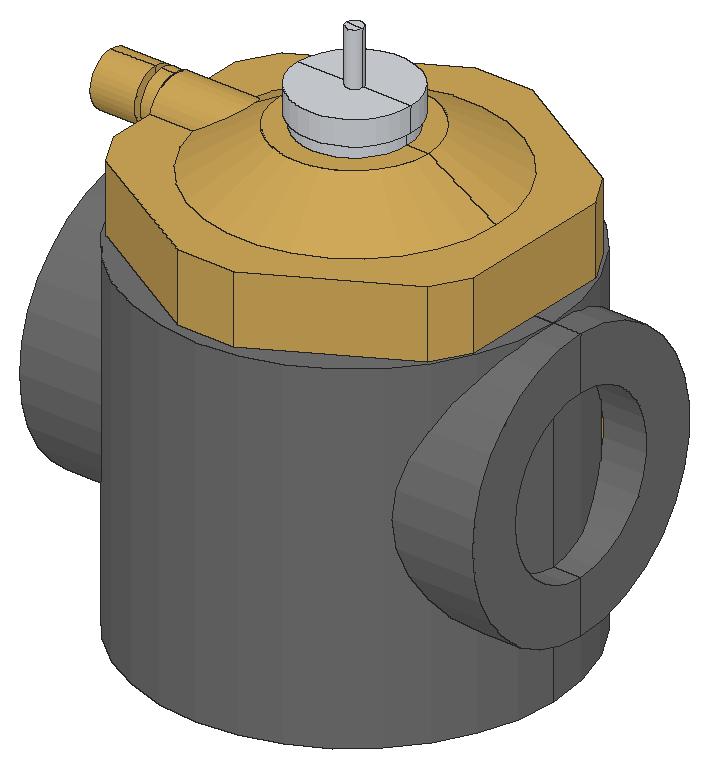
Revit family "Differential Pressure Control Valve 4202 FIX TS 23kPa", category Rohrzubehör, Revit 2018
Family settings
  Bemaßung runder Anschluss = Durchmesser verwenden
  Teiletyp = Unterbricht
  OmniClass-Nummer = 23.65.55.14
  OmniClass-Titel = Valves for Liquid Services
  Arbeitsebenenbasiert = Nein
  Immer vertikal = Ja
  Beim Laden mit Abzugskörper schneiden = Nein
  Gemeinsam genutzt = Nein
Parameters (values of type "with insulation")
  y2 [instance] = K14 + K9 + H01  # 50.149 mm
  y1 [instance] = (R03 * 2) + R05  # 90.000 mm
  k25 = 9.000 mm  # constant formula
  k24 = 13.000 mm  # constant formula
  k23 = 6.000 mm  # constant formula
  k22 = 22.000 mm  # constant formula
  k21 = 13.000 mm  # constant formula
  k20 = 14.000 mm  # constant formula
  k19 = 2.000 mm  # constant formula
  Model = "The differential pressure controller is a straight-version linear controller and works without auxiliary power. The\r\nnominal differential pressure can be continuously adjusted from 50 to 300 mbar and 250 to 600 mbar, respectively.\r\nThe value for the setting can be read from the diagram. The nominal set point is factory preset to a minimum. If\r\nnecessary, the nominal set point can be adjusted using the pre-setting key (1 4002 01). A capillary tube (1000 mm) is\r\nincluded and should be connected to the circuit regulating valve in the supply line."
  Min. operating temperature (anti freeze) = -20 °C  # constant formula
  Max. operating temperature up to DN32 = 130 °C  # constant formula
  Max. operating temperature from DN40 = 110 °C  # constant formula
  Max. differential pressure on the body = 400000.0 Pa  # constant formula
  Max. operating pressure = 2500000.0 Pa  # constant formula
  Valve shaft = "stainless steel 14301"  # constant formula
  URL = "www.herzvalves.com"
  SCRNSEQ = "ARM;ARM_TYP=\"DIFR\";2"
  SCRNCODE = "05;03;4"  # constant formula
  S06 [instance] = 1.000 mm  # constant formula
  S05 [instance] = S01 - 1.000 mm  # 16.250 mm
  S04 [instance] = S02 - 1.000 mm  # 18.000 mm
  S03 [instance] = size_lookup("4202_FIX_TS_23", "S03", 26.500 mm, Nennweite)  # 29.000 mm
  S02 [instance] = size_lookup("4202_FIX_TS_23", "S02", 19.000 mm, Nennweite)  # 19.000 mm
  S01 [instance] = size_lookup("4202_FIX_TS_23", "S01", 17.250 mm, Nennweite)  # 17.250 mm
  Regulator connection nut = "brass CW614N"  # constant formula
  Control range = "FIX 23kPa"  # constant formula
  R06 [instance] = size_lookup("4202_FIX_TS_23", "R06", 14.500 mm, Nennweite)  # 14.500 mm
  R05 [instance] = size_lookup("4202_FIX_TS_23", "R05", 46.000 mm, Nennweite)  # 70.000 mm
  R04 [instance] = size_lookup("4202_FIX_TS_23", "R04", 12.500 mm, Nennweite)  # 14.500 mm
  R03 [instance] = size_lookup("4202_FIX_TS_23", "R03", 10.000 mm, Nennweite)  # 10.000 mm
  R02 = 14.500 mm  # constant formula
  R01 [instance] = size_lookup("4202_FIX_TS_23", "R01", 12.500 mm, Nennweite)  # 19.000 mm
  Min. operating temperature (pure water) = 2 °C  # constant formula
  O-Rings = "EPDM"  # constant formula
  Nennweite [instance] = 25.000 mm
  Membrane body = "brass CW602N"  # constant formula
  Membrane = "EPDM"  # constant formula
  Medium = "Water purity in accordance with the ÖNORM H 5195 and VDI 2035 standards.\r\nEthylene and propylene glycol can be mixed to a ratio of 25 - 50 vol. [%]"
  L2 [instance] = size_lookup("4202_FIX_TS_23", "L2", 161.000 mm, Nennweite)  # 162.500 mm
  L [instance] = size_lookup("4202_FIX_TS_23", "L", 66.000 mm, Nennweite)  # 90.000 mm
  K9 = 4.000 mm  # constant formula
  K8 = 55.000 mm  # constant formula
  K7 = 8.700 mm  # constant formula
  K6 = 11.700 mm  # constant formula
  K5 = 13.000 mm  # constant formula
  K4 = 12.000 mm  # constant formula
  K3 = 15.000 mm  # constant formula
  K2 = 2.350 mm  # constant formula
  K18 = 89.000 mm  # constant formula
  K17 = 66.700 mm  # constant formula
  K16 = 3.000 mm  # constant formula
  K15 = 26.649 mm  # constant formula
  K14 = 16.649 mm  # constant formula
  K13 = 16.649 mm  # constant formula
  K12 = 10.000 mm  # constant formula
  K11 = 35.000 mm  # constant formula
  K10 = 18.250 mm  # constant formula
  K1.1 = 2.350 mm  # constant formula
  K1 = 7.651 mm  # constant formula
  J9 = 15.700 mm  # constant formula
  J8 = 7.850 mm  # constant formula
  J7 = 15.897 mm  # constant formula
  J6 = 3.900 mm  # constant formula
  J5 = 6.500 mm  # constant formula
  J4 = 1.500 mm  # constant formula
  J3 = 3.200 mm  # constant formula
  J2 = 11.000 mm  # constant formula
  J11 = 3.500 mm  # constant formula
  J10 = 18.897 mm  # constant formula
  J1 = 6.500 mm  # constant formula
  Hersteller = "HERZ-Armaturen Ges.m.b.H"  # constant formula
  H2 [instance] = size_lookup("4202_FIX_TS_23", "H2", 28.000 mm, Nennweite)  # 29.000 mm
  H1 [instance] = K1 + K2 + K3 + K4 + K5 + K7 + K8 + K16 + 16.650 mm  # 133.351 mm
  H04 = 4.000 mm  # constant formula
  H03 = 9.800 mm  # constant formula
  H02 [instance] = size_lookup("4202_FIX_TS_23", "H02", 53.000 mm, Nennweite)  # 54.500 mm
  H01 [instance] = size_lookup("4202_FIX_TS_23", "H01", 25.000 mm, Nennweite)  # 29.500 mm
  Body = "DZR Messing CC770S"  # constant formula
  G03 [instance] = size_lookup("4202_FIX_TS_23", "G03", 13.200 mm, Nennweite)  # 17.000 mm
  G02 [instance] = size_lookup("4202_FIX_TS_23", "G02", 9.500 mm, Nennweite)  # 15.375 mm
  G01 [instance] = size_lookup("4202_FIX_TS_23", "G01", 13.500 mm, Nennweite)  # 20.500 mm
  Materials = "EPDM gaskets can be affected by mineral oil lubricants and thus lead to failure of the EPDM seals. Please refer\r\nto manufacturers documentation when using ethylene glycol products for frost and corrosion protection."
  Dämmung = yes
  Insulation shell = "EPP (expanded polypropylen)"  # constant formula
  Compression spring = "spring steel, rust and acid persistent"  # constant formula
  DN50 [instance] = Nennweite = 50.000 mm  # no
  DN40 [instance] = Nennweite = 40.000 mm  # no
  DN32-40 [instance] = or(Nennweite = 32.000 mm, Nennweite = 40.000 mm)  # no
  DN32 [instance] = Nennweite = 32.000 mm  # no
  DN25,32,40 [instance] = or(Nennweite = 25.000 mm, Nennweite = 32.000 mm, Nennweite = 40.000 mm)  # yes
  DN25 [instance] = Nennweite = 25.000 mm  # yes
  DN20 [instance] = Nennweite = 20.000 mm  # no
  DN15-25 [instance] = or(Nennweite = 15.000 mm, Nennweite = 20.000 mm, Nennweite = 25.000 mm)  # yes
  DN15,20,50 [instance] = or(Nennweite = 15.000 mm, Nennweite = 20.000 mm, Nennweite = 50.000 mm)  # no
  DN15 [instance] = Nennweite = 15.000 mm  # no
  D07 [instance] = if(Nennweite = 15.000 mm, 32.500 mm, if(Nennweite = 20.000 mm, 33.500 mm, if(Nennweite = 25.000 mm, 33.500 mm, if(Nennweite = 32.000 mm, 49.500 mm, if(Nennweite = 40.000 mm, 59.500 mm, if(Nennweite = 50.000 mm, 59.500 mm, 0.000 mm))))))  # 33.500 mm
  D06 [instance] = if(Nennweite = 15.000 mm, 32.500 mm, if(Nennweite = 20.000 mm, 33.500 mm, if(Nennweite = 25.000 mm, 33.500 mm, if(Nennweite = 32.000 mm, 49.500 mm, if(Nennweite = 40.000 mm, 59.500 mm, if(Nennweite = 50.000 mm, 59.500 mm, 0.000 mm))))))  # 33.500 mm
  D05 [instance] = if(Nennweite = 15.000 mm, 36.750 mm, if(Nennweite = 20.000 mm, 40.700 mm, if(Nennweite = 25.000 mm, 49.200 mm, if(Nennweite = 32.000 mm, 54.150 mm, if(Nennweite = 40.000 mm, 60.750 mm, if(Nennweite = 50.000 mm, 72.700 mm, 0.000 mm))))))  # 49.200 mm
  D04 [instance] = if(Nennweite = 15.000 mm, 78.500 mm, if(Nennweite = 20.000 mm, 82.000 mm, if(Nennweite = 25.000 mm, 84.000 mm, if(Nennweite = 32.000 mm, 120.000 mm, if(Nennweite = 40.000 mm, 130.000 mm, if(Nennweite = 50.000 mm, 130.500 mm, 0.000 mm))))))  # 84.000 mm
  D03 [instance] = if(Nennweite = 15.000 mm, 96.000 mm, if(Nennweite = 20.000 mm, 110.000 mm, if(Nennweite = 25.000 mm, 112.000 mm, if(Nennweite = 32.000 mm, 152.000 mm, if(Nennweite = 40.000 mm, 170.000 mm, if(Nennweite = 50.000 mm, 179.000 mm, 0.000 mm))))))  # 112.000 mm
  D02 [instance] = size_lookup("4202_FIX_TS_23", "R05", 41.000 mm, Nennweite)  # 70.000 mm
  D01 [instance] = size_lookup("4202_FIX_TS_23", "G01", 13.220 mm, Nennweite)  # 20.500 mm
  Bestellnummer Dämmung [instance] = if(and(Dämmung, Nennweite = 15.000 mm), 1409611, if(and(Dämmung, Nennweite = 20.000 mm), 1409612, if(and(Dämmung, Nennweite = 25.000 mm), 1409613, if(and(Dämmung, Nennweite = 32.000 mm), 1409614, if(and(Dämmung, Nennweite = 40.000 mm), 1409615, if(and(Dämmung, Nennweite = 50.000 mm), 1409616, 0))))))  # 1409613
  Bestellnummer [instance] = if(Nennweite = 15.000 mm, 1420281, if(Nennweite = 20.000 mm, 1420282, if(Nennweite = 25.000 mm, 1420283, if(Nennweite = 32.000 mm, 1420284, if(Nennweite = 40.000 mm, 1420285, if(Nennweite = 50.000 mm, 1420286, 0))))))  # 1420283
  B2 [instance] = size_lookup("4202_FIX_TS_23", "B2", 31.000 mm, Nennweite)  # 33.000 mm
  B1 [instance] = size_lookup("4202_FIX_TS_23", "B1", 26.000 mm, Nennweite)  # 28.000 mm
  B04 = 100.649 mm  # constant formula
  B03 = 44.500 mm  # constant formula
  B02 = 104.688 mm  # constant formula
  B01 = 10.000 mm  # constant formula
  Application = "Differential pressure controllers are used to stabilize the differential pressure in heating and cooling circuits and ensure the\r\nindependence of the loads from dynamic pressure fluctuations in the system."
  Connection nipple = "brass CW602N"  # constant formula
  Connection thread for the drive = "brass CW602N"  # constant formula
Types (3, lengths in mm): name | y2 | y1 | Model | S03 | R05 | R04 | R01 | Nennweite | Medium | L2 | L | H2 | H02 | H01 | G03 | G02 | G01 | Materials | Dämmung | DN25,32,40 | DN25 | DN15,20,50 | DN15 | D07 | D06 | D05 | D04 | D03 | D02 | D01 | Bestellnummer Dämmung | Bestellnummer | B2 | B1
  (no name) | 50.149 | 90.000 | "The differential pressure controller is a straight-version linear controller and works without auxiliary power. The\r\nnominal differential pressure can be continuously adjusted from 50 to 300 mbar and 250 to 600 mbar, respectively.\r\nThe value for the setting can be read from the diagram. The nominal set point is factory preset to a minimum. If\r\nnecessary, the nominal set point can be adjusted using the pre-setting key (1 4002 01). A capillary tube (1000 mm) is\r\nincluded and should be connected to the circuit regulating valve in the supply line." | 29.000 | 70.000 | 14.500 | 19.000 | 25.000 | "Water purity in accordance with the ÖNORM H 5195 and VDI 2035 standards.\r\nEthylene and propylene glycol can be mixed to a ratio of 25 - 50 vol. [%]" | 162.500 | 90.000 | 29.000 | 54.500 | 29.500 | 17.000 | 15.375 | 20.500 | "EPDM gaskets can be affected by mineral oil lubricants and thus lead to failure of the EPDM seals. Please refer\r\nto manufacturers documentation when using ethylene glycol products for frost and corrosion protection." | yes | yes | yes | no | no | 33.500 | 33.500 | 49.200 | 84.000 | 112.000 | 70.000 | 20.500 | 1409613 | 1420283 | 33.000 | 28.000
  with insulation | 50.149 | 90.000 | "The differential pressure controller is a straight-version linear controller and works without auxiliary power. The\r\nnominal differential pressure can be continuously adjusted from 50 to 300 mbar and 250 to 600 mbar, respectively.\r\nThe value for the setting can be read from the diagram. The nominal set point is factory preset to a minimum. If\r\nnecessary, the nominal set point can be adjusted using the pre-setting key (1 4002 01). A capillary tube (1000 mm) is\r\nincluded and should be connected to the circuit regulating valve in the supply line." | 29.000 | 70.000 | 14.500 | 19.000 | 25.000 | "Water purity in accordance with the ÖNORM H 5195 and VDI 2035 standards.\r\nEthylene and propylene glycol can be mixed to a ratio of 25 - 50 vol. [%]" | 162.500 | 90.000 | 29.000 | 54.500 | 29.500 | 17.000 | 15.375 | 20.500 | "EPDM gaskets can be affected by mineral oil lubricants and thus lead to failure of the EPDM seals. Please refer\r\nto manufacturers documentation when using ethylene glycol products for frost and corrosion protection." | yes | yes | yes | no | no | 33.500 | 33.500 | 49.200 | 84.000 | 112.000 | 70.000 | 20.500 | 1409613 | 1420283 | 33.000 | 28.000
  without insulation | 49.149 | 66.000 | "The differential pressure controller is a straight-version linear controller and works without auxiliary power. The\r\nnominal differential pressure can be continuously adjusted from 50 to 300 mbar and 250 to 600 mbar, respectively.\r\nThe value for the setting can be read from the diagram. The nominal set point is factory preset to a minimum. If\r\nnecessary, the nominal set point can be adjusted using the pre-setting key (1 4002 01). A capillary (1000 mm) is\r\nincluded and should be connected to the circuit regulating valve in the flow." | 25.600 | 46.000 | 12.500 | 12.500 | 15.000 | "Water purity in accordance with the ÖNORM H 5195 and VDI 2035 standards\r\nEthylene and propylene glycol can be mixed to a ratio of 25 - 50 vol. [%]" | 161.000 | 66.000 | 28.000 | 53.000 | 28.500 | 13.200 | 9.500 | 13.500 | "EPDM gaskets can be affected by Mineral oils lubricants and thus lead to failure of the EPDM seals. Please refer\r\nto manufacturers documentation when using ethylene glycol products for frost and corrosion protection" | no | no | no | yes | yes | 32.500 | 32.500 | 36.750 | 78.500 | 96.000 | 46.000 | 13.500 | 0 | 1420281 | 31.000 | 26.000
Reference planes
  plane 1 "Mitte (Vorne/hinten)": y = 0
  plane 2: z = 0
  plane 3 "Mitte (Links/rechts)": x = 0
Forms (mm)
  Revolve 1, solid, material "Messing, weicher Gelbton, geschweißt", detail levels fine
    sketch origin (0, 0, 0) x (1, 0, 0) y (0, 0, 1)
      loop
        line (-28, 0) -> (28, 0) -> (28, 15.375) -> (45, 15.375) -> (45, 20.5) -> (35, 20.5) -> (35, 19) -> (-35, 19) -> (-35, 20.5) -> (-45, 20.5) -> (-45, 15.375) -> (-28, 15.375) -> (-28, 0)
      axis (-45, 0) -> (45, 0)
    angle from 0 to 360
  Revolve 2, solid, material "Messing, weicher Gelbton, geschweißt", detail levels fine
    sketch origin (0, 0, 0) x (1, 0, 0) y (0, 0, 1)
      loop
        line (0, -29) -> (0, 0) -> (-18, 0) -> (-18, -19.2) -> (-19, -19.2) -> (-19, -29) -> (0, -29)
      axis (0, 0) -> (0, -29)
    angle from 0 to 360
  Extrusion 3, solid, material "Messing, weicher Gelbton, geschweißt", detail levels fine
    sketch origin (0, 0, 0) x (0, -1, 0) y (1, 0, 0)
      loop
        line (-46, -7.038) -> (-27.114, -39.75) -> (-18.886, -44.5) -> (18.886, -44.5) -> (27.114, -39.75) -> (46, -7.038) -> (46, 7.038) -> (27.114, 39.75) -> (18.886, 44.5) -> (-18.886, 44.5) -> (-27.114, 39.75) -> (-46, 7.038) -> (-46, -7.038)
    from 33.5 to 50.149
  Revolve 4, solid, material "Messing, weicher Gelbton, geschweißt", detail levels fine
    sketch origin (0, 0, -7.051) x (1, 0, 0) y (0, 0, 1)
      loop
        line (0, 57.2) -> (0, 67.2) -> (-18.25, 67.2) -> (-35, 57.2) -> (0, 57.2)
      axis (0, 67.2) -> (0, 57.2)
    angle from 0 to 360
  Revolve 5, solid, material "Messing, weicher Gelbton, geschweißt", visible <- "DN15-25", detail levels fine
    sketch origin (-11, 0, 0) x (1, 0, 0) y (0, 1, 0)
      loop
        line (-3.5, 28) -> (-11.2, 28) -> (-11.2, 0) -> (-3.5, 0) -> (-3.5, 28)
      axis (-3.5, 0) -> (-3.5, 28)
    angle from 0 to 360
  Revolve 6, solid, material "Messing, weicher Gelbton, geschweißt", detail levels fine
    sketch origin (-0.988, 0, -6.853) x (-1, 0, 0) y (0, 0, 1)
      loop
        line (43.5, 56.25) -> (59.2, 56.25) -> (59.2, 62.75) -> (48.2, 62.75) -> (48.2, 60.15) -> (46.7, 60.15) -> (46.7, 62.75) -> (43.5, 62.75) -> (43.5, 56.25)
      axis (43.5, 56.25) -> (59.2, 56.25)
    angle from 0 to 360
  Extrusion 7, solid, material "Messing, weicher Gelbton, geschweißt", detail levels fine
    sketch origin (0, 0, 0) x (0, 1, 0) y (0, 0, -1)
      loop
        line (7.85, -48.047) -> (7.85, -37) -> (-7.85, -37) -> (-7.85, -48.047)
        arc (-7.85, -48.047) -> (0, -55.897) -> (7.85, -48.047) r 7.85
    from 0 to 44.5
  Revolve 8, solid, material "Messing, weicher Gelbton, geschweißt", visible <- "DN15-25", detail levels fine
    sketch origin (-2, 0, 0) x (1, 0, 0) y (0, 1, 0)
      loop
        line (-12.5, 0) -> (-21.5, 0) -> (-21.5, -33) -> (-12.5, -33) -> (-12.5, 0)
      axis (-12.5, 0) -> (-12.5, -33)
    angle from 0 to 360
  Revolve 9, solid, material "Messing, weicher Gelbton, geschweißt", visible <- "DN15-25", detail levels fine
    sketch origin (2, 0, 0) x (1, 0, 0) y (0, 1, 0)
      loop
        line (12.5, 0) -> (12.5, -33) -> (21.6, -33) -> (21.6, 0) -> (12.5, 0)
      axis (12.5, 0) -> (12.5, -33)
    angle from 0 to 360
  Extrusion 10, solid, material "Messing, weicher Gelbton, geschweißt", visible <- "DN32", detail levels fine
    sketch origin (-31.5, 0, 0) x (1, 0, 0) y (0, 1, 0)
      loop
        circle (63, 0) r 6.578
      loop
        circle (63, 0) r 3.28
    from -47 to 0
  Extrusion 11, solid, material "Messing, weicher Gelbton, geschweißt", visible <- "DN32", detail levels fine
    sketch origin (31.5, 0, 0) x (-1, 0, 0) y (0, -1, 0)
      loop
        circle (63, 0) r 6.578
      loop
        circle (63, 0) r 3.28
    from -47 to 0
  Revolve 12, solid, material "Messing, weicher Gelbton, geschweißt", detail levels fine
    sketch origin (0, 0, 0) x (1, 0, 0) y (0, 0, 1)
      loop
        line (-16.25, 0) -> (0, 0) -> (0, 33.5) -> (-12.25, 33.5) -> (-12.25, 29.5) -> (-17.25, 29.5) -> (-17.25, 19.7) -> (-16.25, 19.7) -> (-16.25, 0)
      axis (0, 33.5) -> (0, 0)
    angle from 0 to 360
  Extrusion 13, solid, material "Messing, weicher Gelbton, geschweißt", visible <- "DN40", detail levels fine
    sketch origin (29.382, 0, 0) x (-1, 0, 0) y (0, -1, 0)
      loop
        circle (63, 0) r 6.578
      loop
        circle (63, 0) r 3.28
    from -58 to 0
  Extrusion 14, solid, material "Messing, weicher Gelbton, geschweißt", visible <- "DN40", detail levels fine
    sketch origin (-29.455, 0, 0) x (1, 0, 0) y (0, 1, 0)
      loop
        circle (63, 0) r 6.578
      loop
        circle (63, 0) r 3.28
    from -58 to 0
  Extrusion 15, solid, material "Messing, weicher Gelbton, geschweißt", visible <- "DN50", detail levels fine
    sketch origin (28.422, 0, 0) x (-1, 0, 0) y (0, -1, 0)
      loop
        circle (63, 0) r 6.578
      loop
        circle (63, 0) r 3.28
    from -58 to 0
  Extrusion 16, solid, material "Messing, weicher Gelbton, geschweißt", visible <- "DN50", detail levels fine
    sketch origin (-28.422, 0, 0) x (1, 0, 0) y (0, 1, 0)
      loop
        circle (63, 0) r 6.578
      loop
        circle (63, 0) r 3.28
    from -58 to 0
  Revolve 17, solid, material "Messing, weicher Gelbton, geschweißt", visible <- "DN32-40", detail levels fine
    sketch origin (-11, 0, 0) x (1, 0, 0) y (0, 1, 0)
      loop
        line (-3.5, -28) -> (-3.5, 0) -> (-11.2, 0) -> (-11.2, -28) -> (-3.5, -28)
      axis (-3.5, 0) -> (-3.5, -28)
    angle from 0 to 360
  Revolve 18, solid, material "Kunststoff-Anthrazit/Schwarz", visible <- "Dämmung"
    sketch origin (0, 0, 0) x (1, 0, 0) y (0, 0, 1)
      loop
        line (56, 33.5) -> (-56, 33.5) -> (-56, 20.5) -> (-35, 20.5) -> (-35, 0) -> (0, 0) -> (35, 0) -> (35, 20.5) -> (56, 20.5) -> (56, 33.5)
      axis (-56, 0) -> (56, 0)
    angle from 0 to 360
  Revolve 19, solid, material "Kunststoff-Anthrazit/Schwarz", visible <- "Dämmung"
    sketch origin (0, 0, 0) x (1, 0, 0) y (0, 0, 1)
      loop
        line (0, -50.5) -> (49.2, -50.5) -> (49.2, 33.5) -> (0, 33.5) -> (0, -50.5)
      axis (0, 33.5) -> (0, -50.5)
    angle from 0 to 360
  Revolve 20, solid, detail levels fine
    sketch origin (0, 0, -23.5) x (1, 0, 0) y (0, 0, 1)
      loop
        line (0, 83.649) -> (0, 105.649) -> (-2, 105.649) -> (-2, 92.649) -> (-14, 92.649) -> (-14, 86.649) -> (-13, 86.649) -> (-13, 83.649) -> (0, 83.649)
      axis (0, 105.649) -> (0, 83.649)
    angle from 0 to 360
Lines and regions (mm)
  model lines, detail levels coarse+medium
    curve 1: line (45, -20.5, 0) -> (45, 20.5, 0)
    curve 2: line (45, 20.5, 0) -> (-45, -20.5, 0)
    curve 3: line (-45, -20.5, 0) -> (-45, 20.5, 0)
    curve 4: line (-45, 20.5, 0) -> (45, -20.5, 0)
    curve 5: line (0, -19.5, 0) -> (0, -33.5, 0)
    curve 6: spline (-44.5, -41.824, 0) -> (-42.984, -39.67, 0) -> (-38.538, -37.662, 0) -> (-31.466, -35.938, 0) -> (-22.25, -34.615, 0) -> (-11.517, -33.784, 0) -> (0, -33.5, 0) -> (11.517, -33.784, 0) -> (22.25, -34.615, 0) -> (31.466, -35.938, 0) -> (38.538, -37.662, 0) -> (42.984, -39.67, 0) -> (44.5, -41.825, 0) -> (42.984, -43.979, 0) -> (38.538, -45.987, 0) -> (31.466, -47.711, 0) -> (22.25, -49.034, 0) -> (11.517, -49.865, 0) -> (0, -50.149, 0) -> (-11.517, -49.865, 0) -> (-22.25, -49.034, 0) -> (-31.466, -47.711, 0) -> (-38.538, -45.987, 0) -> (-42.984, -43.979, 0) -> (-44.5, -41.824, 0)
    curve 7: line (0, 0, 20.5) -> (0, 0, 33.5)
    curve 8: spline (-44.5, 0, 41.825) -> (-42.984, 0, 43.979) -> (-38.538, 0, 45.987) -> (-31.466, 0, 47.711) -> (-22.25, 0, 49.034) -> (-11.517, 0, 49.865) -> (0, 0, 50.149) -> (11.517, 0, 49.865) -> (22.25, 0, 49.034) -> (31.466, 0, 47.711) -> (38.538, 0, 45.987) -> (42.984, 0, 43.979) -> (44.5, 0, 41.824) -> (42.984, 0, 39.67) -> (38.538, 0, 37.662) -> (31.466, 0, 35.938) -> (22.25, 0, 34.615) -> (11.517, 0, 33.784) -> (0, 0, 33.5) -> (-11.517, 0, 33.784) -> (-22.25, 0, 34.615) -> (-31.466, 0, 35.938) -> (-38.538, 0, 37.662) -> (-42.984, 0, 39.67) -> (-44.5, 0, 41.825)
    curve 9: line (0, 0, 20.5) -> (22.5, 0, 10.25)
    curve 10: line (0, 0, 20.5) -> (-22.5, 0, 10.25)
    curve 11: line (0, -19.5, 0) -> (-7.357, -3.351, 0)
    curve 12: line (0, -19.5, 0) -> (7.357, -3.351, 0)
    curve 13: line (-45, 0, 20.5) -> (45, 0, -20.5)
    curve 14: line (45, 0, -20.5) -> (45, 0, 20.5)
    curve 15: line (45, 0, 20.5) -> (-45, 0, -20.5)
    curve 16: line (-45, 0, -20.5) -> (-45, 0, 20.5)
Dimensions and locks
  "G01": Revolve 1 sketch curve to Revolve 1 sketch curve  (x2)
  "R01": Revolve 1 sketch curve to Revolve 1 sketch curve
  "R03": Revolve 1 sketch curve to Revolve 1 sketch curve  (x2)
  "K10": Revolve 4 sketch curve to Revolve 4 sketch curve
  "K11": Revolve 4 sketch curve to Revolve 4 sketch curve
  "B1": Revolve 5 sketch curve to Revolve 5 sketch curve
  "J1": Revolve 6 sketch curve to Revolve 6 sketch curve
  "J3": Revolve 6 sketch curve to Revolve 6 sketch curve
  "J4": Revolve 6 sketch curve to Revolve 6 sketch curve
  "J2": Revolve 6 sketch curve to Revolve 6 sketch curve
  "J5": Revolve 6 sketch curve to Revolve 6 sketch curve
  "J6": Revolve 6 sketch curve to Revolve 6 sketch curve
  "H2": plane 2 to Revolve 2 sketch curve
  "H03": Revolve 2 sketch curve to Revolve 2 sketch curve
  "S02": plane 3 "Mitte (Links/rechts)" to Revolve 2 sketch curve
  "B02": Revolve 6 to Extrusion 3
  "B03": Extrusion 3 to plane 3 "Mitte (Links/rechts)"
  "R04": Revolve 5 sketch curve to plane 3 "Mitte (Links/rechts)"
  "K12": Revolve 4 sketch curve to Revolve 4 sketch curve
  "K13": Revolve 4 sketch curve to Extrusion 3
  "K14": Extrusion 3 to Extrusion 3
  "R05": Revolve 1 sketch curve to Revolve 1 sketch curve
  equal spacing: Revolve 1 sketch curve, plane 3 "Mitte (Links/rechts)", Revolve 1 sketch curve
  "B2": plane 1 "Mitte (Vorne/hinten)" to Revolve 8 sketch curve
  "B2": Revolve 9 sketch curve to plane 1 "Mitte (Vorne/hinten)"
  "R06": Revolve 8 sketch curve to plane 3 "Mitte (Links/rechts)"
  "R06": plane 3 "Mitte (Links/rechts)" to Revolve 9 sketch curve
  "S01": Revolve 12 sketch curve to plane 3 "Mitte (Links/rechts)"
  "S05": plane 3 "Mitte (Links/rechts)" to Revolve 12 sketch curve
  "H04": Revolve 12 sketch curve to Revolve 12 sketch curve
  "H03": Revolve 12 sketch curve to Revolve 12 sketch curve
  "H01": Revolve 12 sketch curve to plane 2
  "K9": Extrusion 3 to Revolve 12
  "S06": Revolve 2 sketch curve to Revolve 2 sketch curve
  "J7": Revolve 6 sketch curve to Extrusion 3
  "J9": Extrusion 7 sketch curve to Extrusion 7 sketch curve
  "J10": Revolve 6 to Extrusion 7 sketch curve
  "J11": Extrusion 7 sketch curve to Extrusion 3
  "K18": Extrusion 3 to Extrusion 3
  "K18": curve 8 to curve 8
  "G01": curve 10 to plane 2
  "K14": curve 8 to curve 8
  "y2": curve 8 to plane 2
  "G01": plane 1 "Mitte (Vorne/hinten)" to curve 4
  "G01": curve 3 to plane 1 "Mitte (Vorne/hinten)"
  equal spacing: curve 3, curve 8, curve 1
  equal spacing: curve 3, curve 12, curve 1
  "y1": curve 3 to curve 1
  "G01": plane 1 "Mitte (Vorne/hinten)" to curve 2
  "G01": curve 4 to plane 1 "Mitte (Vorne/hinten)"
  "K18": curve 6 to curve 6
  "K14": curve 6 to curve 6
  "y2": curve 6 to plane 1 "Mitte (Vorne/hinten)"
  "B1": Revolve 17 sketch curve to Revolve 17 sketch curve
  "R04": Revolve 17 sketch curve to plane 3 "Mitte (Links/rechts)"
  "G02": Revolve 1 sketch curve to plane 2  (x2)
  "G03": Revolve 1 sketch curve to Revolve 1 sketch curve  (x2)
  Revolve 1 sketch curve to Revolve 1 sketch curve = 90.000 mm
  equal spacing: curve 10, plane 3 "Mitte (Links/rechts)", curve 9
  "L": curve 14 to curve 16
  equal spacing: curve 14, curve 6, curve 16
  equal spacing: curve 14, curve 9, curve 10, curve 10, curve 16
  "G01": curve 16 to plane 2
  "G01": plane 2 to curve 16
  "G01": curve 15 to plane 2
  "G01": plane 2 to curve 14
  "D07": Revolve 18 sketch curve to plane 2
  "D01": Revolve 18 sketch curve to plane 2  (x2)
  "D03": Revolve 18 sketch curve to Revolve 18 sketch curve
  "D02": Revolve 18 sketch curve to Revolve 18 sketch curve
  equal spacing: Revolve 18 sketch curve, plane 3 "Mitte (Links/rechts)", Revolve 18 sketch curve  (x2)
  "D06": Revolve 19 sketch curve to plane 2
  "D05": Revolve 19 sketch curve to Revolve 19 sketch curve
  "D04": Revolve 19 sketch curve to Revolve 19 sketch curve
  "k20": Revolve 20 sketch curve to Revolve 20 sketch curve
  "k24": Revolve 20 sketch curve to Revolve 20 sketch curve
  "k23": Revolve 20 sketch curve to Revolve 20 sketch curve
  "k21": Revolve 20 sketch curve to Revolve 20 sketch curve
  "k22": Revolve 20 sketch curve to Revolve 20 sketch curve
  "k19": Revolve 20 sketch curve to Revolve 20 sketch curve
  "k25": Revolve 20 to Revolve 4
  "J8": radius of Extrusion 7 sketch curve
  aligned and locked: level to plane 2
Automatic sketch dimensions
  plane 3 "Mitte (Links/rechts)" to Extrusion 3 sketch curve = 7.038 mm  (x2)
  Extrusion 3 sketch curve to plane 1 "Mitte (Vorne/hinten)" = 46.000 mm
  Extrusion 3 sketch curve to plane 1 "Mitte (Vorne/hinten)" = 27.114 mm  (x2)
  Extrusion 3 sketch curve to Extrusion 3 sketch curve = 8.227 mm  (x4)
  plane 1 "Mitte (Vorne/hinten)" to Extrusion 3 sketch curve = 18.886 mm  (x2)
  Extrusion 3 sketch curve to Extrusion 3 sketch curve = 18.886 mm
  Extrusion 3 sketch curve to plane 3 "Mitte (Links/rechts)" = 7.038 mm  (x2)
  Extrusion 3 sketch curve to Extrusion 3 sketch curve = 32.712 mm  (x4)
  Extrusion 3 sketch curve to Extrusion 3 sketch curve = 4.750 mm  (x2)
  Extrusion 10 sketch curve to Extrusion 10 sketch curve = 0.000 mm  (x2)
  plane 1 "Mitte (Vorne/hinten)" to Extrusion 10 sketch curve = 0.000 mm
  plane 3 "Mitte (Links/rechts)" to Extrusion 10 sketch curve = 31.500 mm
  Extrusion 11 sketch curve to Extrusion 11 sketch curve = 0.000 mm  (x2)
  plane 1 "Mitte (Vorne/hinten)" to Extrusion 11 sketch curve = 0.000 mm
  plane 3 "Mitte (Links/rechts)" to Extrusion 11 sketch curve = 31.500 mm
  Extrusion 13 sketch curve to Extrusion 13 sketch curve = 0.000 mm  (x2)
  plane 1 "Mitte (Vorne/hinten)" to Extrusion 13 sketch curve = 0.000 mm
  plane 3 "Mitte (Links/rechts)" to Extrusion 13 sketch curve = 33.618 mm
  Extrusion 14 sketch curve to Extrusion 14 sketch curve = 0.000 mm  (x2)
  plane 1 "Mitte (Vorne/hinten)" to Extrusion 14 sketch curve = 0.000 mm
  plane 3 "Mitte (Links/rechts)" to Extrusion 14 sketch curve = 33.545 mm
  Extrusion 15 sketch curve to Extrusion 15 sketch curve = 0.000 mm  (x2)
  plane 1 "Mitte (Vorne/hinten)" to Extrusion 15 sketch curve = 0.000 mm
  plane 3 "Mitte (Links/rechts)" to Extrusion 15 sketch curve = 34.578 mm
  Extrusion 16 sketch curve to Extrusion 16 sketch curve = 0.000 mm  (x2)
  plane 1 "Mitte (Vorne/hinten)" to Extrusion 16 sketch curve = 0.000 mm
  plane 3 "Mitte (Links/rechts)" to Extrusion 16 sketch curve = 34.578 mm
  curve 8 to plane 3 "Mitte (Links/rechts)" = 0.000 mm
  curve 11 to plane 3 "Mitte (Links/rechts)" = 0.000 mm
  curve 6 to plane 3 "Mitte (Links/rechts)" = 0.000 mm
  curve 5 to curve 5 = 14.000 mm
  Revolve 1 sketch curve to level = 0.000 mm  (x2)
  Revolve 1 sketch curve to Revolve 1 sketch curve = 1473.530 mm
  Revolve 1 sketch curve to Revolve 1 sketch curve = 1806.148 mm
  Revolve 2 sketch curve to level = 0.000 mm
  Revolve 2 sketch curve to plane 3 "Mitte (Links/rechts)" = 0.000 mm  (x2)
  Revolve 2 sketch curve to Revolve 2 sketch curve = 1.000 mm
  Revolve 2 sketch curve to Revolve 2 sketch curve = 334.045 mm
  level to Revolve 2 sketch curve = 2218.015 mm
  Revolve 4 sketch curve to plane 3 "Mitte (Links/rechts)" = 0.000 mm  (x2)
  Revolve 4 sketch curve to level = 373.096 mm
  Revolve 4 sketch curve to Revolve 4 sketch curve = 2155.315 mm
  plane 1 "Mitte (Vorne/hinten)" to Revolve 5 sketch curve = 0.000 mm  (x2)
  Revolve 5 sketch curve to Revolve 5 sketch curve = 0.000 mm  (x2)
  Revolve 5 sketch curve to Revolve 5 sketch curve = 7.700 mm
  plane 3 "Mitte (Links/rechts)" to Revolve 6 sketch curve = 44.488 mm
  Revolve 6 sketch curve to Revolve 6 sketch curve = 0.000 mm  (x3)
  Extrusion 7 sketch curve to plane 1 "Mitte (Vorne/hinten)" = 0.000 mm
  Extrusion 7 sketch curve to Extrusion 7 sketch curve = 11.047 mm
  Extrusion 7 sketch curve to Extrusion 7 sketch curve = 0.000 mm
  plane 1 "Mitte (Vorne/hinten)" to Revolve 8 sketch curve = 0.000 mm  (x2)
  Revolve 8 sketch curve to Revolve 8 sketch curve = 9.000 mm
  Revolve 8 sketch curve to Revolve 8 sketch curve = 0.000 mm  (x2)
  plane 1 "Mitte (Vorne/hinten)" to Revolve 9 sketch curve = 0.000 mm  (x2)
  Revolve 9 sketch curve to Revolve 9 sketch curve = 9.100 mm
  Revolve 9 sketch curve to Revolve 9 sketch curve = 0.000 mm  (x2)
  Revolve 12 sketch curve to level = 0.000 mm  (x2)
  Revolve 12 sketch curve to plane 3 "Mitte (Links/rechts)" = 0.000 mm  (x2)
  Revolve 12 sketch curve to Revolve 12 sketch curve = 5.000 mm
  Revolve 12 sketch curve to Revolve 12 sketch curve = 0.000 mm
  plane 1 "Mitte (Vorne/hinten)" to Revolve 17 sketch curve = 0.000 mm  (x2)
  Revolve 17 sketch curve to Revolve 17 sketch curve = 7.700 mm
  Revolve 17 sketch curve to Revolve 17 sketch curve = 0.000 mm  (x2)
  Revolve 18 sketch curve to level = 0.000 mm  (x2)
  Revolve 18 sketch curve to plane 3 "Mitte (Links/rechts)" = 0.000 mm
  Revolve 18 sketch curve to Revolve 18 sketch curve = 0.000 mm  (x2)
  Revolve 19 sketch curve to plane 3 "Mitte (Links/rechts)" = 0.000 mm  (x2)
  Revolve 19 sketch curve to Revolve 19 sketch curve = 0.000 mm  (x2)
  Revolve 20 sketch curve to plane 3 "Mitte (Links/rechts)" = 0.000 mm  (x2)
  level to Revolve 20 sketch curve = 60.149 mm
  Revolve 20 sketch curve to Revolve 20 sketch curve = 0.000 mm  (x2)
  radius of Extrusion 10 sketch curve = 6.578 mm
  radius of Extrusion 10 sketch curve = 3.280 mm
  radius of Extrusion 11 sketch curve = 6.578 mm
  radius of Extrusion 11 sketch curve = 3.280 mm
  radius of Extrusion 13 sketch curve = 6.578 mm
  radius of Extrusion 13 sketch curve = 3.280 mm
  radius of Extrusion 14 sketch curve = 6.578 mm
  radius of Extrusion 14 sketch curve = 3.280 mm
  radius of Extrusion 15 sketch curve = 6.578 mm
  radius of Extrusion 15 sketch curve = 3.280 mm
  radius of Extrusion 16 sketch curve = 6.578 mm
  radius of Extrusion 16 sketch curve = 3.280 mm
Nested families
  nested 1: "Herz-Logo-vorne" at (-0.018, 17.815, -12.904) x (0, -1, 0) z (0, 0, 1), type "Herz-Logo-vorne", detail levels fine
  nested 2: "Herz-Logo-vorne" at (-0.018, 24.058, 0) x (0, -1, 0) z (0, 0, 1), visible <- "DN32", type "Herz-Logo-vorne", detail levels fine
  nested 3: "Herz-Logo-vorne" at (-0.018, 33.471, 0) x (0, -1, 0) z (0, 0, 1), visible <- "DN50", type "Herz-Logo-vorne", detail levels fine
  nested 4: "Herz-Logo-vorne" at (-0.018, 26.482, 0) x (0, -1, 0) z (0, 0, 1), visible <- "DN40", type "Herz-Logo-vorne", detail levels fine
Connectors
  piping at (45, 0, 0), diameter 25, driven by "Nennweite"
    settings: on Revolve 1, index 1, connector inside diameter 609.6 mm, connector length 0.000 mm, flow factor 0, pipe flow 0.0 L/s, pressure drop 0.0 Pa, fitting loss kfactor 0, connector angle 0.00°, fixture units 0, engagement length 0.000 mm, angle of deflection 0.00°, flow configuration 0, flow direction 2, fitting loss method 0, system type 29, joint type 0, gender type 0, connector reference index -1, connector utility 0, adjustable connector no, is connector primary yes, connector description ""
  piping at (-45, 0, 0), diameter 25, driven by "Nennweite"
    settings: on Revolve 1, index 2, connector inside diameter 609.6 mm, connector length 0.000 mm, flow factor 0, pipe flow 0.0 L/s, pressure drop 0.0 Pa, fitting loss kfactor 0, connector angle 0.00°, fixture units 0, engagement length 0.000 mm, angle of deflection 0.00°, flow configuration 0, flow direction 1, fitting loss method 0, system type 7, joint type 0, gender type 0, connector reference index -1, connector utility 0, adjustable connector no, is connector primary no, connector description ""
Definition of nested family "Herz-Logo-vorne"
  Reference planes
    plane 1 "Mitte (Vorne/hinten)": y = 0
    plane 2: z = 0
    plane 3 "Mitte (Links/rechts)": x = 0
  Forms (mm)
    Extrusion 1, solid
      sketch origin (0.732, -0.018, 0.017) x (0, -1, 0) y (0, 0, 1)
        loop
          line (-0.018, -4.517) -> (4.482, -4.517) -> (4.482, 4.483) -> (-4.518, 4.483) -> (-4.518, -4.517) -> (-0.018, -4.517)
        loop
          line (-0.05, -3.48) -> (3.482, -3.48) -> (3.482, 3.483) -> (-3.518, 3.483) -> (-3.518, -3.48) -> (-0.05, -3.48)
        loop
          arc (-0.018, 2.383) -> (-1.543, 3.287) -> (-3.067, 2.383) r 1.738
          arc (-3.067, 2.383) -> (-3.191, 1.899) -> (-3.067, 1.415) r 1.009
          line (-3.067, 1.415) -> (-0.018, -3.281) -> (3.032, 1.415)
          arc (3.032, 1.415) -> (3.156, 1.899) -> (3.032, 2.383) r 1.009
          arc (3.032, 2.383) -> (1.507, 3.287) -> (-0.018, 2.383) r 1.738
        loop
          arc (1.885, 1.272) -> (2.005, 1.675) -> (1.885, 2.079) r 0.74
          arc (1.885, 2.079) -> (1.265, 2.416) -> (0.644, 2.079) r 0.74
          line (0.644, 2.079) -> (-0.018, 0.97) -> (-0.679, 2.079)
          arc (-0.679, 2.079) -> (-1.3, 2.416) -> (-1.921, 2.079) r 0.74
          arc (-1.921, 2.079) -> (-2.04, 1.675) -> (-1.921, 1.272) r 0.74
          line (-1.921, 1.272) -> (-0.018, -1.658) -> (1.885, 1.272)
      from 0 to 1.5
  Dimensions and locks
    aligned and locked: level to plane 2
